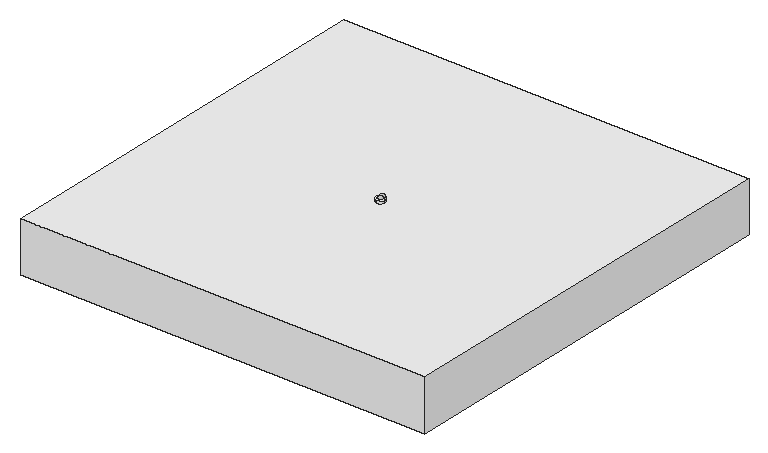
Revit family "Luxstatls", category Communication Devices, host Face, Revit 2014
Parameters
  Width = 2.00"
  Warranty = "5-Years Warranty"  # constant formula
  Type Comments = "Luxstat Light Sensor"  # constant formula
  Product Page URL = "https://www.hubbell.com/hubbellcontrolsolutions/en/Products/Lighting-Controls/Lighting-Controls-Sensors/Daylight-Harvesting-Controls/LUXSTAT-Light-Sensor/p/220912"
  Product Documentation Link = "https://hubbellcdn.com/specsheet/5106a_luxstatls_cutsheet.pdf"
  URL = "https://www.hubbell.com/hubbellcontrolsolutions/en"
  Model = "Luxstat Light Sensor"  # constant formula
  Manufacturer = "Hubbell Control Solutions"  # constant formula
  Sensing Element = Plastic - Hubbell - Gray
  Features = "Daylight sensor for Luxstat Daylight Harvesting System\r\n• Architecturally attractive design\r\n• Indoor and outdoor versions\r\n• Open loop operation\r\n• Foot-candle range: 3-6,000 fc\r\n• Mounts vertically or horizontally\r\n• Color coded, plug-and-play installation\r\n• UL and cUL listed\r\n• California Title 24 Compliant"
  Description = "The Luxstat Light Sensor by Servodan provides the necessary daylight-level\r\ninformation to the Luxstat daylight harvesting control modules. Using a\r\nphotodiode element, this sensor continuously measures daylight levels and\r\nsends the information to the selected Luxstat daylight harvesting control\r\nmodule. "  # constant formula
  Default Elevation = 48.00"
  Create Date = "01/04/2019"
  Copyright = "Copyright © 2019 Hubbell Control Solutions"  # constant formula
  Contact Us = "https://www.hubbell.com/hubbellcontrolsolutions/en/contactUs?productId=220938"
  Housing Material = Glass - Hubbell - White
  Certification = "UL and cUL listed"
  Assembly Code = "D5090"
Reference planes (in)
  plane 1 "Center (Front/Back)": y = 11.68155
  plane 2: z = 0
  plane 3 "Center (Left/Right)": x = 0
  plane 4: z = 1.2
  plane 5: through (0.87749, -180, 1.95871) normal (0.7071, 0, 0.7071)
  plane 6: x = -1
  plane 7: x = 1
  plane 8: y = 12.68155
  plane 9: y = 10.68155
Forms (in)
  Extrusion 1, solid, material "Glass - Hubbell - White" <- "Housing Material"
    sketch origin (0, 12.79105, 0) x (1, 0, 0) y (0, 1, 0)
      loop
        line (-48, 48) -> (-48, -48) -> (48, -48) -> (48, 48) -> (-48, 48)
    from 0 to -12
  Extrusion 2, solid, material "Glass - Hubbell - White" <- "Housing Material"
    sketch origin (0, 0, 0) x (1, 0, 0) y (0, 1, 0)
      loop
        circle (0, 11.68155) r 1
    from 0.7 to 0
  Sweep 3, void
    path in 3D
      loop
        arc (1, 11.68155, 0.7) -> (0, 10.68155, 0.7) -> (-1, 11.68155, 0.7) r 1
        arc (-1, 11.68155, 0.7) -> (0, 12.68155, 0.7) -> (1, 11.68155, 0.7) r 1
    profile origin (0, 12.68155, 0.7) x (0, 1, 0) y (0, 0, 1)
      loop
        line (0, 0) -> (-0.18131, 0)
        arc (-0.18131, 0) -> (-0.0531, -0.0531) -> (0, -0.18131) r 0.18131
        line (0, -0.18131) -> (0, 0)
  Revolve 4, solid, material "Plastic - Hubbell - Gray" <- "Sensing Element"
    sketch origin (-0.00972, 0.01074, 0.55351) x (1, 0, 0) y (0, 1, 0)
      loop
        spline (0, 12.68155) -> (-0.16359, 12.64487) -> (-0.2924, 12.60375) -> (-0.3923, 12.55958) -> (-0.46919, 12.51374) -> (-0.52898, 12.46759) -> (-0.5774, 12.42238) -> (-0.6159, 12.37481) -> (-0.64111, 12.3166) -> (-0.6494, 12.23916) -> (-0.63715, 12.13393) -> (-0.60072, 11.99235) -> (-0.53649, 11.80583)
        spline (-0.53649, 11.80583) -> (-0.48631, 11.67768) -> (-0.43673, 11.57198) -> (-0.38832, 11.4857) -> (-0.34167, 11.41579) -> (-0.29738, 11.35925) -> (-0.25601, 11.31303) -> (-0.21815, 11.27411) -> (-0.18364, 11.23988) -> (-0.149, 11.20952) -> (-0.10979, 11.18274) -> (-0.0616, 11.15926) -> (0, 11.13878)
        line (0, 11.13878) -> (0, 12.68155)
      axis (0, 12.68155) -> (0, 11.13878)
    angle from 178.832 to 360
Cuts and joins
  Sweep 3 cuts Extrusion 2
Lines and regions (in)
  sketch lines
    curve 1: arc (-1, 11.68155, 0.7) -> (0, 12.68155, 0.7) -> (1, 11.68155, 0.7) r 1
    curve 2: arc (1, 11.68155, 0.7) -> (0, 10.68155, 0.7) -> (-1, 11.68155, 0.7) r 1
Dimensions and locks (in)
  plane 4 to plane 2 = 1.20"
  "Width": plane 6 to plane 7
  "Width": plane 9 to plane 8
  equal spacing: plane 6, plane 3 "Center (Left/Right)", plane 7
  equal spacing: plane 9, plane 1 "Center (Front/Back)", plane 8
  aligned and locked: plane 2 to Extrusion 1
  aligned and locked: level to Extrusion 1
Automatic sketch dimensions
  Extrusion 1 sketch curve to Extrusion 1 sketch curve = 96.00"  (x2)
  plane 1 "Center (Front/Back)" to Extrusion 2 sketch curve = 0.00"
  Extrusion 2 sketch curve to plane 3 "Center (Left/Right)" = 0.00"
  Sweep 3 sketch curve to profile plane = 0.00"  (x2)
  profile plane to Sweep 3 sketch curve = 0.18131"
  Revolve 4 sketch curve to plane 1 "Center (Front/Back)" = 0.13502"
  plane 6 to Revolve 4 sketch curve = 0.45379"
  Revolve 4 sketch curve to plane 3 "Center (Left/Right)" = 0.00972"  (x2)
  Revolve 4 sketch curve to plane 9 = 0.46797"
  Revolve 4 sketch curve to plane 8 = 0.01074"
  plane 9 to Revolve 4 sketch curve = 44.28445"
  Revolve 4 sketch curve to plane 8 = 47.35169"
  radius of Extrusion 2 sketch curve = 1.00"
Connectors (in)
  electrical at (0, 11.68155, 0)
    settings: on cut or joined group of Extrusion 2, Sweep 3, index 1, voltage 0 V, apparent load 0 VA, apparent load phase1 0 VA, apparent load phase2 0 VA, apparent load phase3 0 VA, power factor 1, load classification "Other", number of poles 1, system type 13, power factor state 1, is connector primary yes, connector utility no, sub classification motor no, connector description "Daylight Sensor"
